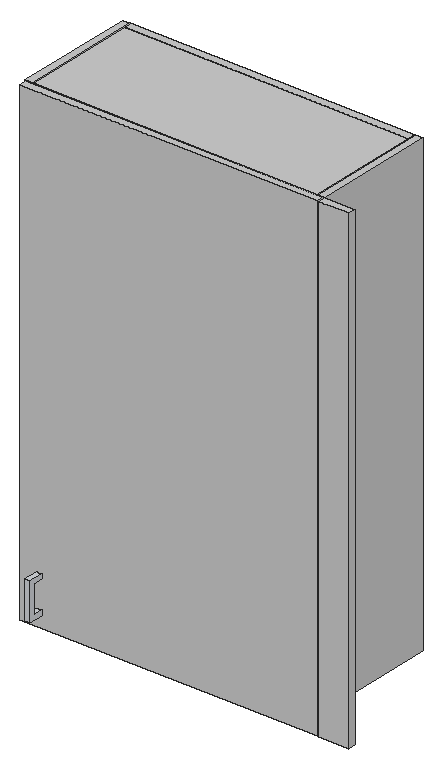
Revit family "123000 - Casework - Upper Cabinet - Generic - 301", category Generic Models, Revit 2020
Family settings
  Can host rebar = No
  Round Connector Dimension = Use Diameter
  Part Type = Normal
  Work Plane-Based = No
  Always vertical = Yes
  Cut with Voids When Loaded = No
  Shared = No
  Room Calculation Point = No
Parameters (values of type "30x48")
  Width = 2' - 6"
  Top Panel Material = PL-2 TBD
  Side Panel Material = PL-2 TBD
  Shelf Panel Material = PL-2 TBD
  Height = 4' - 0"
  Front Lip Height = 0' - 2"
  Filler Width [instance] = 0' - 3"
  Filler Strip Visibility [instance] = yes
  Door Panel Material = PL-2 TBD
  Depth = 1' - 1"
  Default Elevation = 0' - 0"
  AFF [instance] = 5' - 0"
Reference planes (in)
  plane 1 "Center (Front/Back)": y = 0
  plane 2: z = 0
  plane 3 "Center (Left/Right)": x = 0
  plane 4: x = 63.99702
  plane 5: z = 62
  plane 6: z = 108
  plane 7: x = -15
  plane 8: x = 15
  plane 9: z = 60
  plane 10: x = 18
  plane 11: x = -14.875
  plane 12: x = 14.875
  plane 13: z = 84
  plane 14: y = -13
  plane 15: x = -13
  plane 16: z = 63
Forms (in)
  Extrusion 1, solid, material "PL-2 TBD" <- "Shelf Panel Material"
    sketch origin (-28.48977, -180, 62) x (-1, 0, 0) y (0, -1, 0)
      loop
        line (-14.23977, -179.25) -> (-14.23977, -167.75) -> (-42.73977, -167.75) -> (-42.73977, -179.25) -> (-14.23977, -179.25)
    from 0 to 0.75
  Extrusion 2, solid, material "PL-2 TBD" <- "Top Panel Material"
    sketch origin (-32.02237, -180, 108) x (-1, 0, 0) y (0, -1, 0)
      loop
        line (-17.77237, -179.25) -> (-17.77237, -167.75) -> (-46.27237, -167.75) -> (-46.27237, -179.25) -> (-17.77237, -179.25)
    from 0 to -0.75
  Extrusion 3, solid, material "PL-2 TBD" <- "Side Panel Material"
    sketch origin (15, -180, 98.41088) x (0, 0, 1) y (0, -1, 0)
      loop
        line (9.58912, -167.75) -> (-36.41088, -167.75) -> (-36.41088, -180) -> (9.58912, -180) -> (9.58912, -167.75)
    from 0 to -0.75
  Extrusion 4, solid, material "PL-2 TBD" <- "Side Panel Material"
    sketch origin (-15, -180, 100.08649) x (0, 0, 1) y (0, -1, 0)
      loop
        line (7.91351, -167.75) -> (-38.08649, -167.75) -> (-38.08649, -180) -> (7.91351, -180) -> (7.91351, -167.75)
    from 0 to 0.75
  Extrusion 5, solid, material "PL-2 TBD" <- "Door Panel Material"
    sketch origin (-33.05076, -13, 48) x (-1, 0, 0) y (0, 0, 1)
      loop
        line (-47.92576, 60) -> (-47.92576, 12) -> (-18.17576, 12) -> (-18.17576, 60) -> (-47.92576, 60)
    from 0 to 0.75
  Extrusion 6, solid
    sketch origin (0, 0, 0) x (1, 0, 0) y (0, 0, 1)
      loop
        line (14.25, 108) -> (-14.25, 108) -> (-14.25, 62) -> (14.25, 62) -> (14.25, 108)
    from 0 to 0.75
  Extrusion 7, solid, material "PL-2 TBD" <- "Door Panel Material", visible <- "Filler Strip Visibility"
    sketch origin (-33.05076, -13, 48) x (-1, 0, 0) y (0, 0, 1)
      loop
        line (-51.05076, 60) -> (-51.05076, 12) -> (-48.05076, 12) -> (-48.05076, 60) -> (-51.05076, 60)
    from 0 to 0.75
Lines and regions (in)
  symbolic lines, style "GenericModelHiddenLines"
    curve 1: line (-14.875, 0, 60) -> (14.875, 0, 84)
    curve 2: line (14.875, 0, 84) -> (-14.875, 0, 108)
Dimensions and locks (in)
  equal spacing: plane 8, plane 3 "Center (Left/Right)", plane 7
  "Width": plane 8 to plane 7
  "Front Lip Height": plane 5 to plane 9
  "Height": plane 6 to plane 9
  "Filler Width": plane 10 to plane 8
  equal spacing: plane 6, plane 13, plane 9
  locked: plane 11 to plane 7 at 0.125
  locked: plane 8 to plane 12 at 0.125
  "Depth": plane 14 to plane 1 "Center (Front/Back)"
  "AFF": plane 9 to plane 2
  locked: plane 16 to plane 9 at 3
  locked: plane 15 to plane 7 at 2
  aligned and locked: plane 2 to level
  aligned and locked: plane 6 to Extrusion 7 sketch curve
  aligned and locked: Extrusion 7 sketch curve to plane 8
  aligned and locked: Extrusion 7 sketch curve to plane 9
  aligned and locked: plane 10 to Extrusion 7 sketch curve
  aligned and locked: plane 6 to Extrusion 5 sketch curve
  aligned and locked: Extrusion 5 sketch curve to plane 9
  aligned and locked: plane 12 to Extrusion 5 sketch curve
  aligned and locked: Extrusion 3 sketch curve to plane 6
  aligned and locked: Extrusion 4 sketch curve to plane 6
  aligned and locked: Extrusion 3 sketch curve to plane 1 "Center (Front/Back)"
  aligned and locked: Extrusion 6 sketch curve to Extrusion 4
  aligned and locked: Extrusion 6 sketch curve to Extrusion 3
  aligned and locked: plane 6 to Extrusion 6 sketch curve
  aligned and locked: Extrusion 2 sketch curve to Extrusion 4
  aligned and locked: Extrusion 3 to Extrusion 2 sketch curve
  aligned and locked: Extrusion 5 to Extrusion 2 sketch curve
  aligned and locked: Extrusion 2 sketch curve to Extrusion 6
  aligned and locked: Extrusion 4 to Extrusion 1 sketch curve
  aligned and locked: Extrusion 3 to Extrusion 1 sketch curve
  aligned and locked: Extrusion 1 sketch curve to Extrusion 6
  aligned and locked: plane 15 to nested 1
  aligned and locked: plane 14 to nested 1
  aligned and locked: nested 1 to plane 16
  aligned and locked: Extrusion 5 sketch curve to plane 11
  aligned and locked: Extrusion 4 sketch curve to plane 5
  aligned and locked: plane 5 to Extrusion 3 sketch curve
  aligned and locked: plane 5 to Extrusion 6 sketch curve
Automatic sketch dimensions
  plane 14 to Extrusion 4 sketch curve = 0' - 0 3/4"
  Extrusion 4 sketch curve to plane 1 "Center (Front/Back)" = 0' - 0"
  curve 2 to plane 6 = 0' - 0"
  curve 2 to plane 11 = 0' - 0"
  curve 1 to plane 9 = 0' - 0"
  curve 1 to plane 11 = 0' - 0"
  curve 2 to plane 12 = 0' - 0"
  curve 2 to plane 13 = 0' - 0"
  plane 14 to Extrusion 1 sketch curve = 0' - 0 3/4"
  plane 14 to Extrusion 3 sketch curve = 0' - 0 3/4"
Nested families (in)
  nested 1: "Handle-Ver-Sqr" at (-12.39184, -13, 63) x (-1, 0, 0) z (0, 0, 1), type "Handle-Ver-Sqr"
Definition of nested family "Handle-Ver-Sqr"
  Parameters
    Handle Material = none
    Default Elevation = 0' - 0"
  Reference planes (in)
    plane 1 "Center (Front/Back)": y = 0
    plane 2: z = 0
    plane 3 "Center (Left/Right)": x = 0.60816
    plane 4: y = -1.25
    plane 5: z = 1.625
    plane 6: z = -1.625
  Forms (in)
    Sweep 1, solid, material <- "Handle Material"
      path origin (0.60816, 0, 0) x (0, 1, 0) y (0, 0, 1)
        loop
          line (0, 1.625) -> (-1.25, 1.625) -> (-1.25, -1.625) -> (0, -1.625)
      profile origin (0, -0.625, 0) x (0, 0, -1) y (1, 0, 0)
        loop
          line (-1.625, 0.35816) -> (-1.37545, 0.35816) -> (-1.37545, 0.84661) -> (-1.87426, 0.84661) -> (-1.87426, 0.35816) -> (-1.625, 0.35816)
  Dimensions and locks (in)
    locked: plane 6 to plane 5 at 3.25
    aligned and locked: Sweep 1 sketch curve to plane 5
    aligned and locked: plane 6 to Sweep 1 sketch curve
